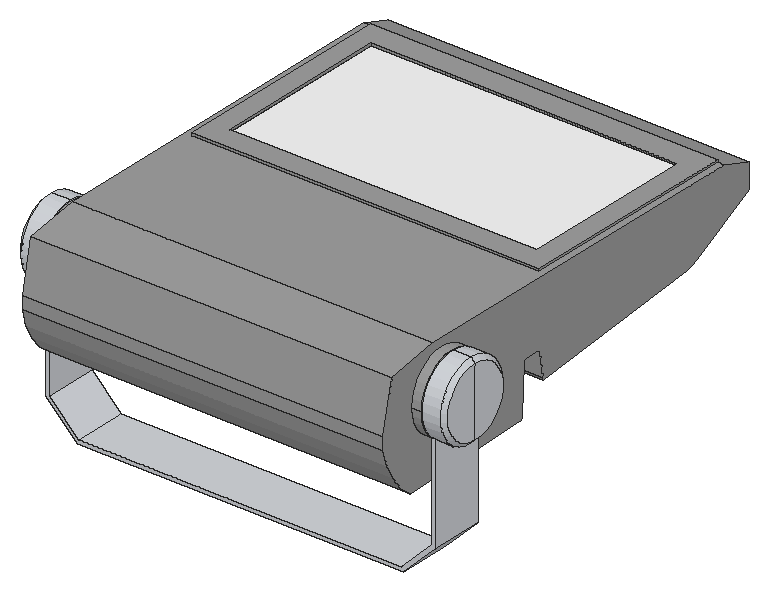
Revit family "0049105 Feilo Sylvania Lighting Fixture SYLVEO LED 3000LM RASYM 3K", category Lighting Fixtures, host Face, Revit 2017
Family settings
  Host = Face
  Round Connector Dimension = Use Diameter
  Part Type = Normal
  OmniClass Number = 23.80.70.00
  OmniClass Title = Lighting
  Cut with Voids When Loaded = No
  Light Source = No
  Shared = No
  Room Calculation Point = No
Parameters (values of type "0049105 SYLVEO LED 3000LM RASYM 3K")
  _DistributedBy = ""
  _CurrentRevision = 0
  _CreatedBy = "http://www.feilosylvania.com"
  _BimstoreBibleVersion = "Version 15"
  _BimSpecGuid = 0
  _Author = "n/a"
  Weight = "11.094 kg"
  Wattage Comments = "n/a"
  WarrantyStartDate [instance] = "n/a"
  WarrantyGuarantorParts = "n/a"
  WarrantyDurationUnit = "n/a"
  WarrantyDurationParts = "n/a"
  WarrantyDescription = "n/a"
  Voltage = 230 V
  URL = "http://www.sylvania-lighting.com"
  TypeName = "SYLVEO LED 3000LM RASYM 3K"
  TypeBody_FEILO = Sylveo Body S : 0049105 SYLVEO LED 3000LM RASYM 3K
  Type Image = <None>
  Type Comments = "n/a"
  TotalWidth = 205 mm
  TiltAngle [instance] = 0.00°
  StartAngle [instance] = -TiltAngle  # 0.00°
  PhotobiologicalRiskGroup = "RG1"
  Material_4_FEILO = none
  Material_3_FEILO = Diffuser-Sylvania-Glow
  Material_2_FEILO = Default
  Material_1_FEILO = none
  LuminousFlux = 3189 lm
  EndAngle [instance] = StartAngle + 180.00°  # 180.00°
  SerialNumber [instance] = "n/a"
  PowerFactor = 0
  PowerConsumption = "30.8 W"
  NominalLength = 205 mm
  NominalHeight = 219 mm
  NominalDepth = 59 mm
  Name = "SYLVEO LED 3000LM RASYM 3K"
  NBSReference = "n/a"
  NBSOfficeMasterTag = "n/a"
  NBSObjectName = "n/a"
  NBSNote = "n/a"
  NBSDescription = "n/a"
  ModelReference = "SYLVEO LED 3000LM RASYM 3K"
  ModelNumber = "0049105"
  Model = ModelReference  # "SYLVEO LED 3000LM RASYM 3K"
  Material = "aluminium housing, glass diffuser"
  ManufacturerName = "Feilo Sylvania"
  Manufacturer = "Feilo Sylvania"
  LuminaireType = ""
  LuminairePowerFactor = "n/a"
  LightOutputRatio = "100"
  LampsType = "LED"
  LampsColourRenderingIndex = "70"
  Lamp = "LED"
  Keynote = "16500"
  InstallationDate [instance] = "n/a"
  InputVoltage = "100-240V~"
  InputNominalFrequency = "50 Hz"
  IngressProtection = "IP66"
  ImpactProtectionIndex = "IK08"
  IfcExportType = "IfcLightFixtureType"
  IfcExportAs = "IfcLightFixtureType"
  Finish = "Die cast"
  ExpectedLife = 50000
  ElectricShockClassification = "Class I"
  DurationUnit = "hours"
  DocumentationLiterature = "http://www.sylvania-lighting.com/product/en-int/products/0049105"
  DimmingControlOptions = "Non dimmable"
  Diffuser Material = "Glass"
  Diffuser Finish = "Clear"
  Description = "Exterior LED Floodlight, comes complete with a 1000mm cable and adjustable bracket, aluminium housing, clear glass diffuser, IP66, IK08, Class I, 3000K, Non-dimming, 3122lm, 31W, 101lm/W, 850mA, CRI70, 52°x117° beam angle, 50000hrs, (LxWxD) 49x205x219mm"
  Default Elevation = 1219.2 mm
  CreatedOn = "1/9/2018"
  CreatedBy = ""
  Cost = 0
  ColorTemperature = 4000 K
  ColorConsistency(SDCM) = "6"
  Color = "Aluminium"
  built-in parameter 1114216 [instance] = (empty or 0)
  ClassificationValue = "EF_70_80"
  ClassificationName = "Uniclass2015"
  BracketWidth = 25 mm
  BracketInnerWidth = 183 mm
  BracketExtrusionStart = -BracketWidth / 2  # -12.5 mm
  BracketExtrusionEnd = BracketWidth / 2  # 12.5 mm
  BarCode [instance] = "n/a"
  BIMObjectName = "n/a"
  AssetType = "Fixed"
  AssetIdentifier [instance] = "n/a"
  Assembly Code = "D5020200"
  Apparent Load = 30.8 VA
Reference planes
  plane 1 "Center (Front/Back)": y = 0
  plane 2: z = 0
  plane 3 "Center (Left/Right)": x = 0
  plane 4: x = 91.5
  plane 5: x = -91.5
  plane 6: z = 76
  plane 7: x = 102.5
  plane 8: x = -102.5
  plane 9: z = 94.5
  plane 10: z = 57.5
  plane 11: x = 100.5
  plane 12: x = -100.5
  plane 13: x = 93.5
  plane 14: x = -93.5
  plane 15: z = 2
  plane 16: z = 16
  plane 17: x = 77.5
  plane 18: x = -77.5
  plane 19: z = 59.5
Forms (mm)
  Extrusion 1, solid
    sketch origin (0, 0, 0) x (1, 0, 0) y (0, 0, 1)
      loop
        line (0, 2) -> (0, 0) -> (78.328, 0) -> (93.5, 15.172) -> (93.5, 76) -> (91.5, 76) -> (91.5, 16) -> (77.5, 2) -> (0, 2)
    from -12.5 to 12.5 <- "BracketExtrusionEnd"
  Extrusion 2, solid
    sketch origin (0, 0, 0) x (-1, 0, 0) y (0, 0, -1)
      loop
        line (0, -2) -> (77.5, -2) -> (91.5, -16) -> (91.5, -76) -> (93.5, -76) -> (93.5, -15.172) -> (78.328, 0) -> (0, 0) -> (0, -2)
    from -12.5 to 12.5 <- "BracketExtrusionEnd"
  Revolve 3, solid
    sketch origin (0, 0, 0) x (1, 0, 0) y (0, 0, 1)
      loop
        line (-91.5, 76) -> (-102.5, 76) -> (-102.5, 59.5) -> (-100.5, 57.5) -> (-91.5, 57.5) -> (-91.5, 76)
      axis (-91.5, 76) -> (-102.5, 76)
    angle from 0 to 360
  Revolve 4, solid
    sketch origin (0, 0, 0) x (-1, 0, 0) y (0, 0, 1)
      loop
        line (-91.5, 76) -> (-102.5, 76) -> (-102.5, 59.5) -> (-100.5, 57.5) -> (-91.5, 57.5) -> (-91.5, 76)
      axis (-91.5, 76) -> (-102.5, 76)
    angle from 0 to 360
  Revolve 5, solid, not visible
    sketch origin (181.107, 0, 76) x (1, 0, 0) y (0, 1, 0)
      loop
        line (-191.101, 0) -> (-171.112, 0) -> (-171.112, 10) -> (-191.101, 10) -> (-191.101, 0)
      axis (-171.112, 0) -> (-191.101, 0)
    angle from 0 <- "StartAngle" to 180 <- "EndAngle"
Cuts and joins
  joined: Extrusion 1, Extrusion 2, Revolve 3, Revolve 4
Dimensions and locks
  equal spacing: plane 5, plane 3 "Center (Left/Right)", plane 4
  "BracketInnerWidth": plane 5 to plane 4
  equal spacing: plane 7, plane 3 "Center (Left/Right)", plane 8
  "TotalWidth": plane 7 to plane 8
  locked: plane 2 to plane 6 at 76
  equal spacing: plane 10, plane 6, plane 9
  locked: plane 10 to plane 9 at 37
  equal spacing: plane 11, plane 3 "Center (Left/Right)", plane 12
  locked: plane 11 to plane 12 at 201
  equal spacing: plane 13, plane 3 "Center (Left/Right)", plane 14
  locked: plane 13 to plane 14 at 187
  locked: plane 2 to plane 16 at 16
  locked: plane 2 to plane 15 at 2
  equal spacing: plane 17, plane 3 "Center (Left/Right)", plane 18
  locked: plane 17 to plane 18 at 155
  locked: plane 19 to plane 10 at 2
  locked: Revolve 5 sketch curve to Revolve 5 sketch curve at 10
  equal spacing: Revolve 5 sketch curve, plane 3 "Center (Left/Right)", Revolve 5 sketch curve
  locked: Revolve 5 sketch curve to Revolve 5 sketch curve at 19.988
  aligned and locked: plane 2 to host face
  aligned and locked: level to host face
  aligned and locked: Revolve 3 sketch curve to plane 10
  aligned and locked: Revolve 3 sketch curve to plane 8
  aligned and locked: plane 5 to Revolve 3 sketch curve
  aligned and locked: Revolve 3 sketch curve to plane 6  (x2)
  aligned and locked: Revolve 5 sketch curve to plane 1 "Center (Front/Back)"
  aligned and locked: plane 3 "Center (Left/Right)" to nested 1
Automatic sketch dimensions
  host sketch curve to host sketch curve = 2438.4 mm  (x2)
  Extrusion 1 sketch curve to plane 3 "Center (Left/Right)" = 0 mm  (x2)
  Extrusion 1 sketch curve to level = 0 mm  (x2)
  Extrusion 1 sketch curve to plane 15 = 0 mm
  Extrusion 1 sketch curve to plane 17 = 0 mm
  plane 4 to Extrusion 1 sketch curve = 0 mm
  Extrusion 1 sketch curve to plane 13 = 0 mm  (x2)
  Extrusion 1 sketch curve to plane 6 = 0 mm  (x2)
  Extrusion 1 sketch curve to plane 16 = 0 mm
  plane 17 to Extrusion 1 sketch curve = 0.828 mm
  Extrusion 1 sketch curve to plane 16 = 0.828 mm
  Extrusion 2 sketch curve to plane 3 "Center (Left/Right)" = 0 mm  (x2)
  Extrusion 2 sketch curve to level = 0 mm  (x2)
  Extrusion 2 sketch curve to plane 15 = 0 mm
  plane 18 to Extrusion 2 sketch curve = 0 mm
  plane 5 to Extrusion 2 sketch curve = 0 mm
  plane 14 to Extrusion 2 sketch curve = 0 mm  (x2)
  Extrusion 2 sketch curve to plane 6 = 0 mm  (x2)
  Extrusion 2 sketch curve to plane 16 = 0 mm
  Extrusion 2 sketch curve to plane 18 = 0.828 mm
  plane 16 to Extrusion 2 sketch curve = 0.828 mm
  plane 12 to Revolve 3 sketch curve = 0 mm
  Revolve 3 sketch curve to plane 19 = 0 mm
  plane 8 to Revolve 3 sketch curve = 77.715 mm
  plane 7 to Revolve 3 sketch curve = 78.607 mm
  Revolve 4 sketch curve to plane 6 = 0 mm  (x2)
  Revolve 4 sketch curve to plane 7 = 0 mm
  Revolve 4 sketch curve to plane 10 = 0 mm
  Revolve 4 sketch curve to plane 11 = 0 mm
  plane 4 to Revolve 4 sketch curve = 0 mm
  Revolve 4 sketch curve to plane 19 = 0 mm
  Revolve 4 sketch curve to Revolve 4 sketch curve = 77.715 mm
  Revolve 4 sketch curve to plane 8 = 78.607 mm
  plane 1 "Center (Front/Back)" to Revolve 5 sketch curve = 0 mm
  plane 8 to Revolve 5 sketch curve = 1421.5 mm
  plane 7 to Revolve 5 sketch curve = 1421.5 mm
Nested families
  nested 1: "Sylveo Body S" at (0, 72.991, 76), type <- "TypeBody_FEILO", type "0049105 SYLVEO LED 3000LM RASYM 3K"
Connectors
  electrical at (0, 0, 0), driven by "Apparent Load", driven by "PowerFactor", driven by "Voltage"
    settings: index 1, voltage 230 V, apparent load 30.8 VA, apparent load phase1 0 VA, apparent load phase2 0 VA, apparent load phase3 0 VA, power factor 0, load classification "Lighting", number of poles 1, system type 30, power factor state 1, is connector primary yes, connector utility no, sub classification motor no, connector description ""
Definition of nested family "Sylveo Body S"
  Parameters (values of type "0049105 SYLVEO LED 3000LM RASYM 3K")
    Wattage = 30.8 W
    built-in parameter 1150110 = 1 (stored number, unit not read)
    VoidExtrusionStart = -BodyWidth / 2  # -86.5 mm
    URL = "http://www.feilosylvania.com"
    Type Comments = "n/a"
    built-in parameter 1114217 = 1 (stored number, unit not read)
    Tilt Angle = -90.00°
    built-in parameter 1150109 = 1 (stored number, unit not read)
    built-in parameter 1150134 = (empty or 0)
    built-in parameter 1150113 = 1 (stored number, unit not read)
    Photometric Web File = "0049105.ies"
    Model = "SYLVEO LED 3000LM RASYM 3K"
    Material_4_FEILO = none
    Material_3_FEILO = none
    Material_2_FEILO = none
    Material_1_FEILO = none
    Manufacturer = "Feilo Sylvania"
    built-in parameter 1150105 = 1613.6 (stored number, unit not read)
    Lumens = 3123.12 lm
    built-in parameter 1150115 = 1 (stored number, unit not read)
    built-in parameter 1150137 = (empty or 0)
    built-in parameter 1150139 = (empty or 0)
    built-in parameter 1150112 = 1 (stored number, unit not read)
    built-in parameter 1150114 = 1 (stored number, unit not read)
    Lamp = "LED"
    Keynote = "16500"
    built-in parameter 1150132 = (empty or 0)
    built-in parameter 1150102 = (empty or 0)
    built-in parameter 1150107 = 3000 (stored number, unit not read)
    built-in parameter 1150138 = (empty or 0)
    built-in parameter 1150106 = 16.136 (stored number, unit not read)
    Emit from Rectangle Width = 84 mm
    Emit from Rectangle Length = 147 mm
    Emit Shape Visible in Rendering = no
    built-in parameter 1150104 = 9.4204 (stored number, unit not read)
    Dimming Lamp Color Temperature Shift = (empty or 0)
    Description = "Exterior LED Floodlight, comes complete with a 1000mm cable and adjustable bracket, aluminium housing, clear glass diffuser, IP66, IK08, Class I, 3000K, Non-dimming, 3122lm, 31W, 101lm/W, 850mA, CRI70, 52°x117° beam angle, 50000hrs, (LxWxD) 49x205x219mm"
    Default Elevation = 1219.2 mm
    Cost = 0
    Color Filter = 16777215
    BodyWidth = 173 mm
    BodyHeight = 219 mm
    BodyExtrusionEnd = -BodyDepth  # -59 mm
    BodyDepth = 59 mm
    built-in parameter 1114218 = 1 (stored number, unit not read)
    built-in parameter 1150133 = 10 (stored number, unit not read)
    Assembly Code = "D5020200"
    Apparent Load = 30.8 VA
  Types (6, lengths in mm): name | Wattage | built-in parameter 1150134 | Photometric Web File | Model | built-in parameter 1150105 | Lumens | built-in parameter 1150107 | built-in parameter 1150106 | built-in parameter 1150104 | Description | Apparent Load
    0049105 SYLVEO LED 3000LM RASYM 3K | 30.8 W | (empty or 0) | "0049105.ies" | "SYLVEO LED 3000LM RASYM 3K" | 1613.6 (stored number, unit not read) | 3123.12 lm | 3000 (stored number, unit not read) | 16.136 (stored number, unit not read) | 9.4204 (stored number, unit not read) | "Exterior LED Floodlight, comes complete with a 1000mm cable and adjustable bracket, aluminium housing, clear glass diffuser, IP66, IK08, Class I, 3000K, Non-dimming, 3122lm, 31W, 101lm/W, 850mA, CRI70, 52°x117° beam angle, 50000hrs, (LxWxD) 49x205x219mm" | 30.8 VA
    0049104 SYLVEO LED 3000LM WIDE 3K | 30.5 W | (empty or 0) | "0049104.ies" | "SYLVEO LED 3000LM WIDE 3K" | 3931.7 (stored number, unit not read) | 3089.65 lm | 3000 (stored number, unit not read) | 39.317 (stored number, unit not read) | 9.4111 (stored number, unit not read) | "Exterior LED Floodlight, comes complete with a 1000mm cable and adjustable bracket, aluminium housing, clear glass diffuser, IP66, IK08, Class I, 3000K, Non-dimming, 3090lm, 31W, 101lm/W, 850mA, CRI70, 52° beam angle, 50000hrs, (LxWxD) 49x205x219mm" | 30.5 VA
    0049103 SYLVEO LED 3000LM NAR 3K | 30.2 W | (empty or 0) | "0049103.ies" | "SYLVEO LED 3000LM NAR 3K" | 12950.9 (stored number, unit not read) | 3041.14 lm | 3000 (stored number, unit not read) | 129.51 (stored number, unit not read) | 9.3553 (stored number, unit not read) | "Exterior LED Floodlight, comes complete with a 1000mm cable and adjustable bracket, aluminium housing, clear glass diffuser, IP66, IK08, Class I, 3000K, Non-dimming, 3041lm, 30W, 101lm/W, 850mA, CRI70, 21° beam angle, 50000hrs, (LxWxD) 49x205x219mm" | 30.2 VA
    0049102 SYLVEO LED 3000LM RASYM 4K | 30.3 W | 12 | "0049102.ies" | "SYLVEO LED 3000LM RASYM 4K" | 1646.9 (stored number, unit not read) | 3187.56 lm | 4000 (stored number, unit not read) | 16.469 (stored number, unit not read) | 9.7734 (stored number, unit not read) | "Exterior LED Floodlight, comes complete with a 1000mm cable and adjustable bracket, aluminium housing, clear glass diffuser, IP66, IK08, Class I, 4000K, Non-dimming, 3189lm, 30W, 105lm/W, 850mA, CRI70, 52°x117° beam angle, 50000hrs, (LxWxD) 49x205x219mm" | 30.3 VA
    0049101 SYLVEO LED 3000LM WIDE 4K | 32.2 W | 12 | "0049101.ies" | "SYLVEO LED 3000LM WIDE 4K" | 3985.3 (stored number, unit not read) | 3400.32 lm | 4000 (stored number, unit not read) | 39.853 (stored number, unit not read) | 9.8106 (stored number, unit not read) | "Exterior LED Floodlight, comes complete with a 1000mm cable and adjustable bracket, aluminium housing, clear glass diffuser, IP66, IK08, Class I, 4000K, Non-dimming, 3400lm, 32W, 106lm/W, 850mA, CRI70, 52° beam angle, 50000hrs, (LxWxD) 49x205x219mm" | 32.2 VA
    0049100 SYLVEO LED 3000LM NAR 4K | 30.5 W | 12 | "0049100.ies" | "SYLVEO LED 3000LM NAR 4K" | 13402.6 (stored number, unit not read) | 3089.65 lm | 4000 (stored number, unit not read) | 134.03 (stored number, unit not read) | 9.4111 (stored number, unit not read) | "Exterior LED Floodlight, comes complete with a 1000mm cable and adjustable bracket, aluminium housing, clear glass diffuser, IP66, IK08, Class I, 4000K, Non-dimming, 3090lm, 31W, 101lm/W, 850mA, CRI70, 21° beam angle, 50000hrs, (LxWxD) 49x205x219mm" | 30.5 VA
  Reference planes
    plane 1 "Center (Front/Back)": y = 0
    plane 2: z = 0
    plane 3 "Center (Left/Right)": x = 0
    plane 4: x = -86.5
    plane 5: x = 86.5
    plane 6: y = 110.708
    plane 7: y = -108.292
    plane 8: y = 96.384
    plane 9: y = 84.647
    plane 10: y = -0.668
    plane 11: y = -10.878
    plane 12: y = -54.493
    plane 13: y = -91.489
    plane 14: y = -72.991
    plane 15: x = -102.515
    plane 16: x = 102.515
    plane 17: x = -73.649
    plane 18: x = 73.649
    plane 19: x = -91.536
    plane 20: x = 91.536
    plane 21: z = 0
    plane 22: z = 22
    plane 23: x = -83.139
    plane 24: x = 83.139
    plane 25: y = -103.292
    plane 26: y = -78.292
    plane 27: z = -5.309
    plane 28: z = -11.402
    plane 29: y = -25.118
    plane 30: y = -23.893
    plane 31: z = -8.976
    plane 32: y = -14.493
    plane 33: y = -12.511
    plane 34: y = 77.218
    plane 35: z = 17
    plane 36: z = -13.634
    plane 37: z = 5
    plane 38: z = -22.951
    plane 39: z = -34.41
    plane 40: z = 17.785
    plane 41: y = 42.323
  Forms (mm)
    Extrusion 1, solid
      sketch origin (-0.8, 0, 0) x (1, 0, 0) y (0, 1, 0)
        loop
          line (-1219.2, 1219.2) -> (-1219.2, -1219.2) -> (1219.2, -1219.2) -> (1219.2, 1219.2) -> (-1219.2, 1219.2)
      from 0 to -304.8
    Revolve 2, solid, material <- "Material_2_FEILO"
      sketch origin (144.148, 0, 0) x (1, 0, 0) y (0, 1, 0)
        loop
          line (-235.684, -72.991) -> (-52.612, -72.991) -> (-52.612, -54.493) -> (-235.684, -54.493) -> (-235.684, -72.991)
        axis (-235.684, -72.991) -> (-52.612, -72.991)
      angle from 0 to 360
    Extrusion 3, solid, material <- "Material_2_FEILO"
      sketch origin (0, -146.667, 22) x (0, -1, 0) y (1, 0, 0)
        loop
          line (-257.375, -86.5) -> (-38.375, -86.5) -> (-38.375, 86.5) -> (-257.375, 86.5) -> (-257.375, -86.5)
      from 0 to -59 <- "BodyExtrusionEnd"
    Extrusion 4, void
      sketch origin (0, 0, 0) x (0, 1, 0) y (0, 0, 1)
        loop
          line (-78.292, 22) -> (-108.292, 22) -> (-108.292, -5.309) -> (-103.292, 17.785) -> (-78.292, 22)
        loop
          line (-108.292, -11.402) -> (-108.292, -37) -> (-91.489, -37)
          arc (-91.489, -37) -> (-102.558, -25.952) -> (-108.292, -11.402) r 38.329
      from -86.5 <- "VoidExtrusionStart" to 173 <- "BodyWidth"
    Extrusion 5, void
      sketch origin (0, 0, 0) x (0, 1, 0) y (0, 0, 1)
        loop
          line (-91.489, -37) -> (110.708, -37) -> (110.708, 5) -> (80.083, -12.039)
          arc (80.083, -12.039) -> (77.118, -13.316) -> (73.956, -13.972) r 16
          line (73.956, -13.972) -> (-11.553, -22.851)
          arc (-11.553, -22.851) -> (-12.272, -22.645) -> (-12.646, -21.997) r 1
          line (-12.646, -21.997) -> (-14.371, -9.836)
          arc (-14.371, -9.836) -> (-14.706, -9.221) -> (-15.361, -8.976) r 1
          line (-15.361, -8.976) -> (-22.94, -8.976)
          arc (-22.94, -8.976) -> (-23.63, -9.252) -> (-23.939, -9.928) r 1
          line (-23.939, -9.928) -> (-25.074, -33.494)
          arc (-25.074, -33.494) -> (-25.381, -34.133) -> (-26.034, -34.41) r 1.003
          line (-26.034, -34.41) -> (-91.489, -37)
        loop
          line (110.708, 17) -> (110.708, 22) -> (96.384, 22) -> (110.708, 17)
      from -86.5 <- "VoidExtrusionStart" to 173 <- "BodyWidth"
    Extrusion 6, solid, material <- "Material_2_FEILO"
      sketch origin (0, -146.667, 22) x (0, -1, 0) y (1, 0, 0)
        loop
          line (-243.051, -83.139) -> (-135.789, -83.139) -> (-135.789, 83.139) -> (-243.051, 83.139) -> (-243.051, -83.139)
        loop
          line (-231.314, -73.649) -> (-146.667, -73.649) -> (-146.667, 73.649) -> (-231.314, 73.649) -> (-231.314, -73.649)
      from 0 to 1
    Extrusion 7, void
      sketch origin (0, -146.667, 22) x (1, 0, 0) y (0, -1, 0)
        loop
          line (-73.649, -231.314) -> (73.649, -231.314) -> (73.649, -146.667) -> (-73.649, -146.667) -> (-73.649, -231.314)
      from 0 to 12
    Extrusion 8, solid, material <- "Material_3_FEILO"
      sketch origin (0, -146.667, 22) x (0, -1, 0) y (1, 0, 0)
        loop
          line (-231.314, -73.649) -> (-146.667, -73.649) -> (-146.667, 73.649) -> (-231.314, 73.649) -> (-231.314, -73.649)
      from 0 to -1
  Cuts and joins
    Extrusion 4, Extrusion 5, Extrusion 7 cuts Extrusion 3
    joined: Revolve 2, Extrusion 3
  Lines and regions (mm)
    reference lines
      curve 1: line (0, -108.292, -5.309) -> (0, -108.292, -11.402)
  Dimensions and locks
    equal spacing: plane 4, plane 3 "Center (Left/Right)", plane 5
    "BodyWidth": plane 4 to plane 5
    "BodyHeight": plane 6 to plane 7
    locked: plane 1 "Center (Front/Back)" to plane 7 at 108.292
    locked: plane 13 to plane 7 at 16.803
    locked: plane 14 to plane 7 at 35.301
    equal spacing: plane 12, plane 14, plane 13
    locked: plane 11 to plane 7 at 97.414
    locked: plane 10 to plane 7 at 107.624
    locked: plane 1 "Center (Front/Back)" to plane 9 at 84.647
    locked: plane 8 to plane 1 "Center (Front/Back)" at 96.384
    equal spacing: plane 15, plane 3 "Center (Left/Right)", plane 16
    locked: plane 15 to plane 16 at 205.031
    equal spacing: plane 17, plane 3 "Center (Left/Right)", plane 18
    locked: plane 17 to plane 18 at 147.299
    equal spacing: plane 19, plane 3 "Center (Left/Right)", plane 20
    locked: plane 19 to plane 20 at 183.072
    equal spacing: plane 23, plane 3 "Center (Left/Right)", plane 24
    locked: plane 23 to plane 24 at 166.278
    locked: plane 21 to plane 22 at 22
    locked: curve 1 to curve 1 at 6.092
    locked: plane 7 to plane 26 at 30
    locked: plane 21 to plane 27 at 5.309
    locked: plane 21 to plane 28 at 11.402
    locked: plane 7 to plane 29 at 83.174
    locked: plane 7 to plane 30 at 84.399
    locked: plane 21 to plane 31 at 8.976
    locked: plane 7 to plane 32 at 93.799
    locked: plane 7 to plane 33 at 95.781
    locked: plane 7 to plane 34 at 185.51
    locked: plane 21 to plane 35 at 17
    locked: plane 36 to plane 21 at 13.634
    locked: plane 21 to plane 37 at 5
    locked: plane 21 to plane 38 at 22.951
    locked: plane 21 to plane 39 at 34.41
    locked: plane 40 to plane 21 at 17.785
    locked: plane 7 to plane 25 at 5
    equal spacing: Extrusion 6, Extrusion 7 sketch curve, plane 24
    equal spacing: plane 1 "Center (Front/Back)", plane 41, plane 9
    aligned and locked: plane 2 to Extrusion 1
    aligned and locked: level to Extrusion 1
    aligned and locked: Revolve 2 sketch curve to plane 14  (x2)
    aligned and locked: plane 19 to Revolve 2 sketch curve
    aligned and locked: plane 12 to Revolve 2 sketch curve
    aligned and locked: Revolve 2 sketch curve to plane 20
    aligned and locked: level to plane 21
    aligned and locked: Extrusion 3 sketch curve to plane 6
    aligned and locked: plane 4 to Extrusion 3 sketch curve
    aligned and locked: plane 7 to Extrusion 3 sketch curve
    aligned and locked: Extrusion 3 sketch curve to plane 5
    aligned and locked: plane 40 to Extrusion 4 sketch curve
    aligned and locked: Extrusion 4 sketch curve to curve 1
    aligned and locked: plane 22 to Extrusion 4 sketch curve
    aligned and locked: curve 1 to Extrusion 4 sketch curve
    aligned and locked: Extrusion 4 sketch curve to Extrusion 3
    aligned and locked: plane 39 to Extrusion 5 sketch curve
    aligned and locked: plane 6 to Extrusion 5 sketch curve  (x2)
    aligned and locked: Extrusion 5 sketch curve to plane 22
    aligned and locked: Extrusion 6 sketch curve to plane 8
    aligned and locked: plane 23 to Extrusion 6 sketch curve
    aligned and locked: plane 11 to Extrusion 6 sketch curve
    aligned and locked: Extrusion 6 sketch curve to plane 24
    aligned and locked: plane 9 to Extrusion 6 sketch curve
    aligned and locked: plane 17 to Extrusion 6 sketch curve
    aligned and locked: Extrusion 6 sketch curve to plane 1 "Center (Front/Back)"
    aligned and locked: plane 18 to Extrusion 6 sketch curve
    aligned and locked: Extrusion 7 sketch curve to Extrusion 6  (x3)
    aligned and locked: Extrusion 8 sketch curve to cut or joined group of Revolve 2, Extrusion 3, Extrusion 4, Extrusion 5, Extrusion 7  (x4)
    aligned and locked: imposter light to plane 3 "Center (Left/Right)"
    aligned and locked: imposter light to plane 41
    aligned and locked: imposter light to plane 22
  Automatic sketch dimensions
    Extrusion 1 sketch curve to Extrusion 1 sketch curve = 2438.4 mm  (x2)
    plane 15 to Revolve 2 sketch curve = 90.323 mm
    plane 16 to Revolve 2 sketch curve = 82.977 mm
    curve 1 to level = 11.402 mm
    curve 1 to plane 7 = 0 mm
    Extrusion 4 sketch curve to plane 25 = 0 mm
    Extrusion 4 sketch curve to plane 13 = 0 mm
    Extrusion 4 sketch curve to plane 26 = 0 mm
    Extrusion 4 sketch curve to plane 28 = 0 mm
    Extrusion 4 sketch curve to plane 27 = 0 mm
    plane 27 to Extrusion 4 sketch curve = 0.391 mm
    Extrusion 7 sketch curve to plane 18 = 0 mm
    Extrusion 5 sketch curve to plane 13 = 0 mm
    Extrusion 5 sketch curve to plane 31 = 0 mm
    Extrusion 5 sketch curve to plane 8 = 0 mm
    plane 37 to Extrusion 5 sketch curve = 0 mm
    plane 35 to Extrusion 5 sketch curve = 0 mm
    plane 29 to Extrusion 5 sketch curve = 0.955 mm
    plane 29 to Extrusion 5 sketch curve = 0.916 mm
    Extrusion 5 sketch curve to plane 29 = 0.044 mm
    Extrusion 5 sketch curve to plane 30 = 0.046 mm
    plane 30 to Extrusion 5 sketch curve = 0.953 mm
    Extrusion 5 sketch curve to plane 32 = 0.868 mm
    plane 32 to Extrusion 5 sketch curve = 0.122 mm
    Extrusion 5 sketch curve to plane 33 = 0.135 mm
    Extrusion 5 sketch curve to plane 11 = 0.778 mm
    plane 38 to Extrusion 5 sketch curve = 0.099 mm
    Extrusion 5 sketch curve to plane 11 = 0.675 mm
    level to Extrusion 5 sketch curve = 1.942 mm
    Extrusion 5 sketch curve to plane 34 = 4.914 mm
    Extrusion 5 sketch curve to plane 28 = 0.638 mm
    plane 34 to Extrusion 5 sketch curve = 2.865 mm
    Extrusion 5 sketch curve to plane 39 = 2.59 mm
    plane 39 to Extrusion 5 sketch curve = 0.915 mm
    plane 38 to Extrusion 5 sketch curve = 0.954 mm
    Extrusion 5 sketch curve to Extrusion 5 sketch curve = 1 mm  (x2)
    plane 36 to Extrusion 5 sketch curve = 0.339 mm
